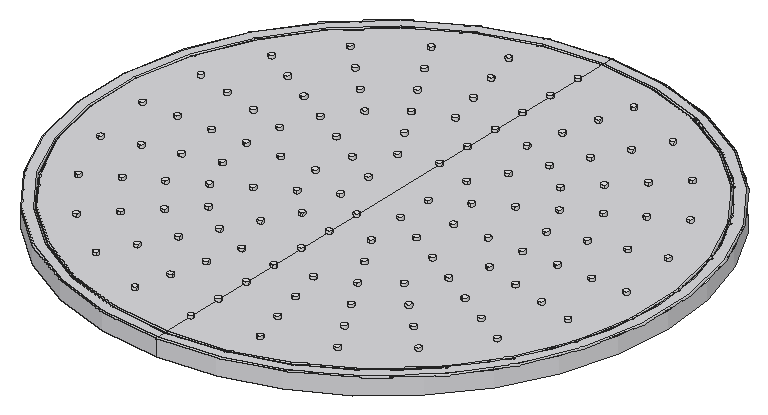
Revit family "Shower-Showerhead-KOHLER-KATALYST_AIR-K-15994T", category Plumbing Fixtures, host Face, Revit 2017 (continued)
Definition of nested family "K-15994T"
  Lines and regions (in)
    symbolic lines, detail levels medium+fine
      curve 247: arc (1.219, 2.24178, 0) -> (1.24287, 2.15271, 0) -> (1.33194, 2.17658, 0) r 0.0652
      curve 248: arc (1.33194, 2.17658, 0) -> (1.30807, 2.26564, 0) -> (1.219, 2.24178, 0) r 0.0652
      curve 249: arc (1.3183, 2.18445, 0) -> (1.3002, 2.25201, 0) -> (1.23264, 2.2339, 0) r 0.04945
      curve 250: arc (1.23264, 2.2339, 0) -> (1.25074, 2.16635, 0) -> (1.3183, 2.18445, 0) r 0.04945
      curve 251: arc (-0.0652, 3.40101, 0) -> (0, 3.33581, 0) -> (0.0652, 3.40101, 0) r 0.0652
      curve 252: arc (0.0652, 3.40101, 0) -> (0, 3.46621, 0) -> (-0.0652, 3.40101, 0) r 0.0652
      curve 253: arc (0.04945, 3.40101, 0) -> (0, 3.45046, 0) -> (-0.04945, 3.40101, 0) r 0.04945
      curve 254: arc (-0.04945, 3.40101, 0) -> (0, 3.35155, 0) -> (0.04945, 3.40101, 0) r 0.04945
      curve 255: arc (-0.0652, 4.25338, 0) -> (0, 4.18818, 0) -> (0.0652, 4.25338, 0) r 0.0652
      curve 256: arc (0.0652, 4.25338, 0) -> (0, 4.31859, 0) -> (-0.0652, 4.25338, 0) r 0.0652
      curve 257: arc (0.04945, 4.25338, 0) -> (0, 4.30284, 0) -> (-0.04945, 4.25338, 0) r 0.04945
      curve 258: arc (-0.04945, 4.25338, 0) -> (0, 4.20393, 0) -> (0.04945, 4.25338, 0) r 0.04945
      curve 259: arc (-0.94323, 3.26825, 0) -> (-0.86337, 3.22214, 0) -> (-0.81726, 3.302, 0) r 0.0652
      curve 260: arc (-0.81726, 3.302, 0) -> (-0.89712, 3.3481, 0) -> (-0.94323, 3.26825, 0) r 0.0652
      curve 261: arc (-0.83248, 3.29792, 0) -> (-0.89305, 3.33289, 0) -> (-0.92801, 3.27232, 0) r 0.04945
      curve 262: arc (-0.92801, 3.27232, 0) -> (-0.86745, 3.23735, 0) -> (-0.83248, 3.29792, 0) r 0.04945
      curve 263: arc (-1.16384, 4.09158, 0) -> (-1.08398, 4.04547, 0) -> (-1.03788, 4.12533, 0) r 0.0652
      curve 264: arc (-1.03788, 4.12533, 0) -> (-1.11773, 4.17143, 0) -> (-1.16384, 4.09158, 0) r 0.0652
      curve 265: arc (-1.05309, 4.12125, 0) -> (-1.11366, 4.15622, 0) -> (-1.14863, 4.09565, 0) r 0.04945
      curve 266: arc (-1.14863, 4.09565, 0) -> (-1.08806, 4.06068, 0) -> (-1.05309, 4.12125, 0) r 0.04945
      curve 267: arc (-1.75697, 2.91276, 0) -> (-1.6679, 2.88889, 0) -> (-1.64404, 2.97796, 0) r 0.0652
      curve 268: arc (-1.64404, 2.97796, 0) -> (-1.73311, 3.00183, 0) -> (-1.75697, 2.91276, 0) r 0.0652
      curve 269: arc (-1.65767, 2.97009, 0) -> (-1.72523, 2.98819, 0) -> (-1.74333, 2.92063, 0) r 0.04945
      curve 270: arc (-1.74333, 2.92063, 0) -> (-1.67578, 2.90253, 0) -> (-1.65767, 2.97009, 0) r 0.04945
      curve 271: arc (-2.18316, 3.65094, 0) -> (-2.09409, 3.62707, 0) -> (-2.07022, 3.71614, 0) r 0.0652
      curve 272: arc (-2.07022, 3.71614, 0) -> (-2.15929, 3.74, 0) -> (-2.18316, 3.65094, 0) r 0.0652
      curve 273: arc (-2.08386, 3.70826, 0) -> (-2.15142, 3.72637, 0) -> (-2.16952, 3.65881, 0) r 0.04945
      curve 274: arc (-2.16952, 3.65881, 0) -> (-2.10196, 3.64071, 0) -> (-2.08386, 3.70826, 0) r 0.04945
      curve 275: arc (-2.45098, 2.35877, 0) -> (-2.35877, 2.35877, 0) -> (-2.35877, 2.45098, 0) r 0.0652
      curve 276: arc (-2.35877, 2.45098, 0) -> (-2.45098, 2.45098, 0) -> (-2.45098, 2.35877, 0) r 0.0652
      curve 277: arc (-2.36991, 2.43985, 0) -> (-2.43985, 2.43985, 0) -> (-2.43985, 2.36991, 0) r 0.04945
      curve 278: arc (-2.43985, 2.36991, 0) -> (-2.36991, 2.36991, 0) -> (-2.36991, 2.43985, 0) r 0.04945
      curve 279: arc (-3.0537, 2.96149, 0) -> (-2.96149, 2.96149, 0) -> (-2.96149, 3.0537, 0) r 0.0652
      curve 280: arc (-2.96149, 3.0537, 0) -> (-3.0537, 3.0537, 0) -> (-3.0537, 2.96149, 0) r 0.0652
      curve 281: arc (-2.97263, 3.04257, 0) -> (-3.04257, 3.04257, 0) -> (-3.04257, 2.97263, 0) r 0.04945
      curve 282: arc (-3.04257, 2.97263, 0) -> (-2.97263, 2.97263, 0) -> (-2.97263, 3.04257, 0) r 0.04945
      curve 283: arc (-2.97796, 1.64404, 0) -> (-2.88889, 1.6679, 0) -> (-2.91276, 1.75697, 0) r 0.0652
      curve 284: arc (-2.91276, 1.75697, 0) -> (-3.00183, 1.73311, 0) -> (-2.97796, 1.64404, 0) r 0.0652
      curve 285: arc (-2.92063, 1.74333, 0) -> (-2.98819, 1.72523, 0) -> (-2.97009, 1.65767, 0) r 0.04945
      curve 286: arc (-2.97009, 1.65767, 0) -> (-2.90253, 1.67578, 0) -> (-2.92063, 1.74333, 0) r 0.04945
      curve 287: arc (-3.71614, 2.07022, 0) -> (-3.62707, 2.09409, 0) -> (-3.65094, 2.18316, 0) r 0.0652
      curve 288: arc (-3.65094, 2.18316, 0) -> (-3.74, 2.15929, 0) -> (-3.71614, 2.07022, 0) r 0.0652
      curve 289: arc (-3.65881, 2.16952, 0) -> (-3.72637, 2.15142, 0) -> (-3.70826, 2.08386, 0) r 0.04945
      curve 290: arc (-3.70826, 2.08386, 0) -> (-3.64071, 2.10196, 0) -> (-3.65881, 2.16952, 0) r 0.04945
      curve 291: arc (-3.302, 0.81726, 0) -> (-3.22214, 0.86337, 0) -> (-3.26825, 0.94323, 0) r 0.0652
      curve 292: arc (-3.26825, 0.94323, 0) -> (-3.3481, 0.89712, 0) -> (-3.302, 0.81726, 0) r 0.0652
      curve 293: arc (-3.27232, 0.92801, 0) -> (-3.33289, 0.89305, 0) -> (-3.29792, 0.83248, 0) r 0.04945
      curve 294: arc (-3.29792, 0.83248, 0) -> (-3.23735, 0.86745, 0) -> (-3.27232, 0.92801, 0) r 0.04945
      curve 295: arc (-4.12533, 1.03788, 0) -> (-4.04547, 1.08398, 0) -> (-4.09158, 1.16384, 0) r 0.0652
      curve 296: arc (-4.09158, 1.16384, 0) -> (-4.17143, 1.11773, 0) -> (-4.12533, 1.03788, 0) r 0.0652
      curve 297: arc (-4.09565, 1.14863, 0) -> (-4.15622, 1.11366, 0) -> (-4.12125, 1.05309, 0) r 0.04945
      curve 298: arc (-4.12125, 1.05309, 0) -> (-4.06068, 1.08806, 0) -> (-4.09565, 1.14863, 0) r 0.04945
      curve 299: arc (-3.40101, -0.0652, 0) -> (-3.33581, 0, 0) -> (-3.40101, 0.0652, 0) r 0.0652
      curve 300: arc (-3.40101, 0.0652, 0) -> (-3.46621, 0, 0) -> (-3.40101, -0.0652, 0) r 0.0652
      curve 301: arc (-3.40101, 0.04945, 0) -> (-3.45046, 0, 0) -> (-3.40101, -0.04945, 0) r 0.04945
      curve 302: arc (-3.40101, -0.04945, 0) -> (-3.35155, 0, 0) -> (-3.40101, 0.04945, 0) r 0.04945
      curve 303: arc (-4.25338, -0.0652, 0) -> (-4.18818, 0, 0) -> (-4.25338, 0.0652, 0) r 0.0652
      curve 304: arc (-4.25338, 0.0652, 0) -> (-4.31859, 0, 0) -> (-4.25338, -0.0652, 0) r 0.0652
      curve 305: arc (-4.25338, 0.04945, 0) -> (-4.30284, 0, 0) -> (-4.25338, -0.04945, 0) r 0.04945
      curve 306: arc (-4.25338, -0.04945, 0) -> (-4.20393, 0, 0) -> (-4.25338, 0.04945, 0) r 0.04945
      curve 307: arc (-3.26825, -0.94323, 0) -> (-3.22214, -0.86337, 0) -> (-3.302, -0.81726, 0) r 0.0652
      curve 308: arc (-3.302, -0.81726, 0) -> (-3.3481, -0.89712, 0) -> (-3.26825, -0.94323, 0) r 0.0652
      curve 309: arc (-3.29792, -0.83248, 0) -> (-3.33289, -0.89305, 0) -> (-3.27232, -0.92801, 0) r 0.04945
      curve 310: arc (-3.27232, -0.92801, 0) -> (-3.23735, -0.86745, 0) -> (-3.29792, -0.83248, 0) r 0.04945
      curve 311: arc (-4.09158, -1.16384, 0) -> (-4.04547, -1.08398, 0) -> (-4.12533, -1.03788, 0) r 0.0652
      curve 312: arc (-4.12533, -1.03788, 0) -> (-4.17143, -1.11773, 0) -> (-4.09158, -1.16384, 0) r 0.0652
      curve 313: arc (-4.12125, -1.05309, 0) -> (-4.15622, -1.11366, 0) -> (-4.09565, -1.14863, 0) r 0.04945
      curve 314: arc (-4.09565, -1.14863, 0) -> (-4.06068, -1.08806, 0) -> (-4.12125, -1.05309, 0) r 0.04945
      curve 315: arc (-2.91276, -1.75697, 0) -> (-2.88889, -1.6679, 0) -> (-2.97796, -1.64404, 0) r 0.0652
      curve 316: arc (-2.97796, -1.64404, 0) -> (-3.00183, -1.73311, 0) -> (-2.91276, -1.75697, 0) r 0.0652
      curve 317: arc (-2.97009, -1.65767, 0) -> (-2.98819, -1.72523, 0) -> (-2.92063, -1.74333, 0) r 0.04945
      curve 318: arc (-2.92063, -1.74333, 0) -> (-2.90253, -1.67578, 0) -> (-2.97009, -1.65767, 0) r 0.04945
      curve 319: arc (-3.65094, -2.18316, 0) -> (-3.62707, -2.09409, 0) -> (-3.71614, -2.07022, 0) r 0.0652
      curve 320: arc (-3.71614, -2.07022, 0) -> (-3.74, -2.15929, 0) -> (-3.65094, -2.18316, 0) r 0.0652
      curve 321: arc (-3.70826, -2.08386, 0) -> (-3.72637, -2.15142, 0) -> (-3.65881, -2.16952, 0) r 0.04945
      curve 322: arc (-3.65881, -2.16952, 0) -> (-3.64071, -2.10196, 0) -> (-3.70826, -2.08386, 0) r 0.04945
      curve 323: arc (-2.35877, -2.45098, 0) -> (-2.35877, -2.35877, 0) -> (-2.45098, -2.35877, 0) r 0.0652
      curve 324: arc (-2.45098, -2.35877, 0) -> (-2.45098, -2.45098, 0) -> (-2.35877, -2.45098, 0) r 0.0652
      curve 325: arc (-2.43985, -2.36991, 0) -> (-2.43985, -2.43985, 0) -> (-2.36991, -2.43985, 0) r 0.04945
      curve 326: arc (-2.36991, -2.43985, 0) -> (-2.36991, -2.36991, 0) -> (-2.43985, -2.36991, 0) r 0.04945
      curve 327: arc (-2.96149, -3.0537, 0) -> (-2.96149, -2.96149, 0) -> (-3.0537, -2.96149, 0) r 0.0652
      curve 328: arc (-3.0537, -2.96149, 0) -> (-3.0537, -3.0537, 0) -> (-2.96149, -3.0537, 0) r 0.0652
      curve 329: arc (-3.04257, -2.97263, 0) -> (-3.04257, -3.04257, 0) -> (-2.97263, -3.04257, 0) r 0.04945
      curve 330: arc (-2.97263, -3.04257, 0) -> (-2.97263, -2.97263, 0) -> (-3.04257, -2.97263, 0) r 0.04945
      curve 331: arc (-1.64404, -2.97796, 0) -> (-1.6679, -2.88889, 0) -> (-1.75697, -2.91276, 0) r 0.0652
      curve 332: arc (-1.75697, -2.91276, 0) -> (-1.73311, -3.00183, 0) -> (-1.64404, -2.97796, 0) r 0.0652
      curve 333: arc (-1.74333, -2.92063, 0) -> (-1.72523, -2.98819, 0) -> (-1.65767, -2.97009, 0) r 0.04945
      curve 334: arc (-1.65767, -2.97009, 0) -> (-1.67578, -2.90253, 0) -> (-1.74333, -2.92063, 0) r 0.04945
      curve 335: arc (-2.07022, -3.71614, 0) -> (-2.09409, -3.62707, 0) -> (-2.18316, -3.65094, 0) r 0.0652
      curve 336: arc (-2.18316, -3.65094, 0) -> (-2.15929, -3.74, 0) -> (-2.07022, -3.71614, 0) r 0.0652
      curve 337: arc (-2.16952, -3.65881, 0) -> (-2.15142, -3.72637, 0) -> (-2.08386, -3.70826, 0) r 0.04945
      curve 338: arc (-2.08386, -3.70826, 0) -> (-2.10196, -3.64071, 0) -> (-2.16952, -3.65881, 0) r 0.04945
      curve 339: arc (-0.81726, -3.302, 0) -> (-0.86337, -3.22214, 0) -> (-0.94323, -3.26825, 0) r 0.0652
      curve 340: arc (-0.94323, -3.26825, 0) -> (-0.89712, -3.3481, 0) -> (-0.81726, -3.302, 0) r 0.0652
      curve 341: arc (-0.92801, -3.27232, 0) -> (-0.89305, -3.33289, 0) -> (-0.83248, -3.29792, 0) r 0.04945
      curve 342: arc (-0.83248, -3.29792, 0) -> (-0.86745, -3.23735, 0) -> (-0.92801, -3.27232, 0) r 0.04945
      curve 343: arc (-1.03788, -4.12533, 0) -> (-1.08398, -4.04547, 0) -> (-1.16384, -4.09158, 0) r 0.0652
      curve 344: arc (-1.16384, -4.09158, 0) -> (-1.11773, -4.17143, 0) -> (-1.03788, -4.12533, 0) r 0.0652
      curve 345: arc (-1.14863, -4.09565, 0) -> (-1.11366, -4.15622, 0) -> (-1.05309, -4.12125, 0) r 0.04945
      curve 346: arc (-1.05309, -4.12125, 0) -> (-1.08806, -4.06068, 0) -> (-1.14863, -4.09565, 0) r 0.04945
      curve 347: arc (0.0652, -3.40101, 0) -> (0, -3.33581, 0) -> (-0.0652, -3.40101, 0) r 0.0652
      curve 348: arc (-0.0652, -3.40101, 0) -> (0, -3.46621, 0) -> (0.0652, -3.40101, 0) r 0.0652
      curve 349: arc (-0.04945, -3.40101, 0) -> (0, -3.45046, 0) -> (0.04945, -3.40101, 0) r 0.04945
      curve 350: arc (0.04945, -3.40101, 0) -> (0, -3.35155, 0) -> (-0.04945, -3.40101, 0) r 0.04945
      curve 351: arc (0.0652, -4.25338, 0) -> (0, -4.18818, 0) -> (-0.0652, -4.25338, 0) r 0.0652
      curve 352: arc (-0.0652, -4.25338, 0) -> (0, -4.31859, 0) -> (0.0652, -4.25338, 0) r 0.0652
      curve 353: arc (-0.04945, -4.25338, 0) -> (0, -4.30284, 0) -> (0.04945, -4.25338, 0) r 0.04945
      curve 354: arc (0.04945, -4.25338, 0) -> (0, -4.20393, 0) -> (-0.04945, -4.25338, 0) r 0.04945
      curve 355: arc (0.94323, -3.26825, 0) -> (0.86337, -3.22214, 0) -> (0.81726, -3.302, 0) r 0.0652
      curve 356: arc (0.81726, -3.302, 0) -> (0.89712, -3.3481, 0) -> (0.94323, -3.26825, 0) r 0.0652
      curve 357: arc (0.83248, -3.29792, 0) -> (0.89305, -3.33289, 0) -> (0.92801, -3.27232, 0) r 0.04945
      curve 358: arc (0.92801, -3.27232, 0) -> (0.86745, -3.23735, 0) -> (0.83248, -3.29792, 0) r 0.04945
      curve 359: arc (1.16384, -4.09158, 0) -> (1.08398, -4.04547, 0) -> (1.03788, -4.12533, 0) r 0.0652
      curve 360: arc (1.03788, -4.12533, 0) -> (1.11773, -4.17143, 0) -> (1.16384, -4.09158, 0) r 0.0652
      curve 361: arc (1.05309, -4.12125, 0) -> (1.11366, -4.15622, 0) -> (1.14863, -4.09565, 0) r 0.04945
      curve 362: arc (1.14863, -4.09565, 0) -> (1.08806, -4.06068, 0) -> (1.05309, -4.12125, 0) r 0.04945
      curve 363: arc (1.75697, -2.91276, 0) -> (1.6679, -2.88889, 0) -> (1.64404, -2.97796, 0) r 0.0652
      curve 364: arc (1.64404, -2.97796, 0) -> (1.73311, -3.00183, 0) -> (1.75697, -2.91276, 0) r 0.0652
      curve 365: arc (1.65767, -2.97009, 0) -> (1.72523, -2.98819, 0) -> (1.74333, -2.92063, 0) r 0.04945
      curve 366: arc (1.74333, -2.92063, 0) -> (1.67578, -2.90253, 0) -> (1.65767, -2.97009, 0) r 0.04945
      curve 367: arc (2.18316, -3.65094, 0) -> (2.09409, -3.62707, 0) -> (2.07022, -3.71614, 0) r 0.0652
      curve 368: arc (2.07022, -3.71614, 0) -> (2.15929, -3.74, 0) -> (2.18316, -3.65094, 0) r 0.0652
      curve 369: arc (2.08386, -3.70826, 0) -> (2.15142, -3.72637, 0) -> (2.16952, -3.65881, 0) r 0.04945
      curve 370: arc (2.16952, -3.65881, 0) -> (2.10196, -3.64071, 0) -> (2.08386, -3.70826, 0) r 0.04945
      curve 371: arc (2.45098, -2.35877, 0) -> (2.35877, -2.35877, 0) -> (2.35877, -2.45098, 0) r 0.0652
      curve 372: arc (2.35877, -2.45098, 0) -> (2.45098, -2.45098, 0) -> (2.45098, -2.35877, 0) r 0.0652
      curve 373: arc (2.36991, -2.43985, 0) -> (2.43985, -2.43985, 0) -> (2.43985, -2.36991, 0) r 0.04945
      curve 374: arc (2.43985, -2.36991, 0) -> (2.36991, -2.36991, 0) -> (2.36991, -2.43985, 0) r 0.04945
      curve 375: arc (3.0537, -2.96149, 0) -> (2.96149, -2.96149, 0) -> (2.96149, -3.0537, 0) r 0.0652
      curve 376: arc (2.96149, -3.0537, 0) -> (3.0537, -3.0537, 0) -> (3.0537, -2.96149, 0) r 0.0652
      curve 377: arc (2.97263, -3.04257, 0) -> (3.04257, -3.04257, 0) -> (3.04257, -2.97263, 0) r 0.04945
      curve 378: arc (3.04257, -2.97263, 0) -> (2.97263, -2.97263, 0) -> (2.97263, -3.04257, 0) r 0.04945
      curve 379: arc (2.97796, -1.64404, 0) -> (2.88889, -1.6679, 0) -> (2.91276, -1.75697, 0) r 0.0652
      curve 380: arc (2.91276, -1.75697, 0) -> (3.00183, -1.73311, 0) -> (2.97796, -1.64404, 0) r 0.0652
      curve 381: arc (2.92063, -1.74333, 0) -> (2.98819, -1.72523, 0) -> (2.97009, -1.65767, 0) r 0.04945
      curve 382: arc (2.97009, -1.65767, 0) -> (2.90253, -1.67578, 0) -> (2.92063, -1.74333, 0) r 0.04945
      curve 383: arc (3.71614, -2.07022, 0) -> (3.62707, -2.09409, 0) -> (3.65094, -2.18316, 0) r 0.0652
      curve 384: arc (3.65094, -2.18316, 0) -> (3.74, -2.15929, 0) -> (3.71614, -2.07022, 0) r 0.0652
      curve 385: arc (3.65881, -2.16952, 0) -> (3.72637, -2.15142, 0) -> (3.70826, -2.08386, 0) r 0.04945
      curve 386: arc (3.70826, -2.08386, 0) -> (3.64071, -2.10196, 0) -> (3.65881, -2.16952, 0) r 0.04945
      curve 387: arc (3.302, -0.81726, 0) -> (3.22214, -0.86337, 0) -> (3.26825, -0.94323, 0) r 0.0652
      curve 388: arc (3.26825, -0.94323, 0) -> (3.3481, -0.89712, 0) -> (3.302, -0.81726, 0) r 0.0652
      curve 389: arc (3.27232, -0.92801, 0) -> (3.33289, -0.89305, 0) -> (3.29792, -0.83248, 0) r 0.04945
      curve 390: arc (3.29792, -0.83248, 0) -> (3.23735, -0.86745, 0) -> (3.27232, -0.92801, 0) r 0.04945
      curve 391: arc (4.12533, -1.03788, 0) -> (4.04547, -1.08398, 0) -> (4.09158, -1.16384, 0) r 0.0652
      curve 392: arc (4.09158, -1.16384, 0) -> (4.17143, -1.11773, 0) -> (4.12533, -1.03788, 0) r 0.0652
      curve 393: arc (4.09565, -1.14863, 0) -> (4.15622, -1.11366, 0) -> (4.12125, -1.05309, 0) r 0.04945
      curve 394: arc (4.12125, -1.05309, 0) -> (4.06068, -1.08806, 0) -> (4.09565, -1.14863, 0) r 0.04945
      curve 395: arc (3.40101, 0.0652, 0) -> (3.33581, 0, 0) -> (3.40101, -0.0652, 0) r 0.0652
      curve 396: arc (3.40101, -0.0652, 0) -> (3.46621, 0, 0) -> (3.40101, 0.0652, 0) r 0.0652
      curve 397: arc (3.40101, -0.04945, 0) -> (3.45046, 0, 0) -> (3.40101, 0.04945, 0) r 0.04945
      curve 398: arc (3.40101, 0.04945, 0) -> (3.35155, 0, 0) -> (3.40101, -0.04945, 0) r 0.04945
      curve 399: arc (4.25338, 0.0652, 0) -> (4.18818, 0, 0) -> (4.25338, -0.0652, 0) r 0.0652
      curve 400: arc (4.25338, -0.0652, 0) -> (4.31859, 0, 0) -> (4.25338, 0.0652, 0) r 0.0652
      curve 401: arc (4.25338, -0.04945, 0) -> (4.30284, 0, 0) -> (4.25338, 0.04945, 0) r 0.04945
      curve 402: arc (4.25338, 0.04945, 0) -> (4.20393, 0, 0) -> (4.25338, -0.04945, 0) r 0.04945
      curve 403: arc (3.26825, 0.94323, 0) -> (3.22214, 0.86337, 0) -> (3.302, 0.81726, 0) r 0.0652
      curve 404: arc (3.302, 0.81726, 0) -> (3.3481, 0.89712, 0) -> (3.26825, 0.94323, 0) r 0.0652
      curve 405: arc (3.29792, 0.83248, 0) -> (3.33289, 0.89305, 0) -> (3.27232, 0.92801, 0) r 0.04945
      curve 406: arc (3.27232, 0.92801, 0) -> (3.23735, 0.86745, 0) -> (3.29792, 0.83248, 0) r 0.04945
      curve 407: arc (4.09158, 1.16384, 0) -> (4.04547, 1.08398, 0) -> (4.12533, 1.03788, 0) r 0.0652
      curve 408: arc (4.12533, 1.03788, 0) -> (4.17143, 1.11773, 0) -> (4.09158, 1.16384, 0) r 0.0652
      curve 409: arc (4.12125, 1.05309, 0) -> (4.15622, 1.11366, 0) -> (4.09565, 1.14863, 0) r 0.04945
      curve 410: arc (4.09565, 1.14863, 0) -> (4.06068, 1.08806, 0) -> (4.12125, 1.05309, 0) r 0.04945
      curve 411: arc (2.91276, 1.75697, 0) -> (2.88889, 1.6679, 0) -> (2.97796, 1.64404, 0) r 0.0652
      curve 412: arc (2.97796, 1.64404, 0) -> (3.00183, 1.73311, 0) -> (2.91276, 1.75697, 0) r 0.0652
      curve 413: arc (2.97009, 1.65767, 0) -> (2.98819, 1.72523, 0) -> (2.92063, 1.74333, 0) r 0.04945
      curve 414: arc (2.92063, 1.74333, 0) -> (2.90253, 1.67578, 0) -> (2.97009, 1.65767, 0) r 0.04945
      curve 415: arc (3.65094, 2.18316, 0) -> (3.62707, 2.09409, 0) -> (3.71614, 2.07022, 0) r 0.0652
      curve 416: arc (3.71614, 2.07022, 0) -> (3.74, 2.15929, 0) -> (3.65094, 2.18316, 0) r 0.0652
      curve 417: arc (3.70826, 2.08386, 0) -> (3.72637, 2.15142, 0) -> (3.65881, 2.16952, 0) r 0.04945
      curve 418: arc (3.65881, 2.16952, 0) -> (3.64071, 2.10196, 0) -> (3.70826, 2.08386, 0) r 0.04945
      curve 419: arc (2.35877, 2.45098, 0) -> (2.35877, 2.35877, 0) -> (2.45098, 2.35877, 0) r 0.0652
      curve 420: arc (2.45098, 2.35877, 0) -> (2.45098, 2.45098, 0) -> (2.35877, 2.45098, 0) r 0.0652
      curve 421: arc (2.43985, 2.36991, 0) -> (2.43985, 2.43985, 0) -> (2.36991, 2.43985, 0) r 0.04945
      curve 422: arc (2.36991, 2.43985, 0) -> (2.36991, 2.36991, 0) -> (2.43985, 2.36991, 0) r 0.04945
      curve 423: arc (2.96149, 3.0537, 0) -> (2.96149, 2.96149, 0) -> (3.0537, 2.96149, 0) r 0.0652
      curve 424: arc (3.0537, 2.96149, 0) -> (3.0537, 3.0537, 0) -> (2.96149, 3.0537, 0) r 0.0652
      curve 425: arc (3.04257, 2.97263, 0) -> (3.04257, 3.04257, 0) -> (2.97263, 3.04257, 0) r 0.04945
      curve 426: arc (2.97263, 3.04257, 0) -> (2.97263, 2.97263, 0) -> (3.04257, 2.97263, 0) r 0.04945
      curve 427: arc (1.64404, 2.97796, 0) -> (1.6679, 2.88889, 0) -> (1.75697, 2.91276, 0) r 0.0652
      curve 428: arc (1.75697, 2.91276, 0) -> (1.73311, 3.00183, 0) -> (1.64404, 2.97796, 0) r 0.0652
      curve 429: arc (1.74333, 2.92063, 0) -> (1.72523, 2.98819, 0) -> (1.65767, 2.97009, 0) r 0.04945
      curve 430: arc (1.65767, 2.97009, 0) -> (1.67578, 2.90253, 0) -> (1.74333, 2.92063, 0) r 0.04945
      curve 431: arc (2.07022, 3.71614, 0) -> (2.09409, 3.62707, 0) -> (2.18316, 3.65094, 0) r 0.0652
      curve 432: arc (2.18316, 3.65094, 0) -> (2.15929, 3.74, 0) -> (2.07022, 3.71614, 0) r 0.0652
      curve 433: arc (2.16952, 3.65881, 0) -> (2.15142, 3.72637, 0) -> (2.08386, 3.70826, 0) r 0.04945
      curve 434: arc (2.08386, 3.70826, 0) -> (2.10196, 3.64071, 0) -> (2.16952, 3.65881, 0) r 0.04945
      curve 435: arc (0.81726, 3.302, 0) -> (0.86337, 3.22214, 0) -> (0.94323, 3.26825, 0) r 0.0652
      curve 436: arc (0.94323, 3.26825, 0) -> (0.89712, 3.3481, 0) -> (0.81726, 3.302, 0) r 0.0652
      curve 437: arc (0.92801, 3.27232, 0) -> (0.89305, 3.33289, 0) -> (0.83248, 3.29792, 0) r 0.04945
      curve 438: arc (0.83248, 3.29792, 0) -> (0.86745, 3.23735, 0) -> (0.92801, 3.27232, 0) r 0.04945
      curve 439: arc (1.03788, 4.12533, 0) -> (1.08398, 4.04547, 0) -> (1.16384, 4.09158, 0) r 0.0652
      curve 440: arc (1.16384, 4.09158, 0) -> (1.11773, 4.17143, 0) -> (1.03788, 4.12533, 0) r 0.0652
      curve 441: arc (1.14863, 4.09565, 0) -> (1.11366, 4.15622, 0) -> (1.05309, 4.12125, 0) r 0.04945
      curve 442: arc (1.05309, 4.12125, 0) -> (1.08806, 4.06068, 0) -> (1.14863, 4.09565, 0) r 0.04945
      curve 443: arc (-0.0652, 5.10255, 0) -> (0, 5.03734, 0) -> (0.0652, 5.10255, 0) r 0.0652
      curve 444: arc (0.0652, 5.10255, 0) -> (0, 5.16775, 0) -> (-0.0652, 5.10255, 0) r 0.0652
      curve 445: arc (0.04945, 5.10255, 0) -> (0, 5.152, 0) -> (-0.04945, 5.10255, 0) r 0.04945
      curve 446: arc (-0.04945, 5.10255, 0) -> (0, 5.05309, 0) -> (0.04945, 5.10255, 0) r 0.04945
      curve 447: arc (-0.0652, 5.95546, 0) -> (0, 5.89026, 0) -> (0.0652, 5.95546, 0) r 0.0652
      curve 448: arc (0.0652, 5.95546, 0) -> (0, 6.02067, 0) -> (-0.0652, 5.95546, 0) r 0.0652
      curve 449: arc (0.04945, 5.95546, 0) -> (0, 6.00492, 0) -> (-0.04945, 5.95546, 0) r 0.04945
      curve 450: arc (-0.04945, 5.95546, 0) -> (0, 5.90601, 0) -> (0.04945, 5.95546, 0) r 0.04945
      curve 451: arc (-1.38362, 4.9118, 0) -> (-1.30376, 4.8657, 0) -> (-1.25765, 4.94556, 0) r 0.0652
      curve 452: arc (-1.25765, 4.94556, 0) -> (-1.33751, 4.99166, 0) -> (-1.38362, 4.9118, 0) r 0.0652
      curve 453: arc (-1.27287, 4.94148, 0) -> (-1.33344, 4.97645, 0) -> (-1.36841, 4.91588, 0) r 0.04945
      curve 454: arc (-1.36841, 4.91588, 0) -> (-1.30784, 4.88091, 0) -> (-1.27287, 4.94148, 0) r 0.04945
      curve 455: arc (-1.60437, 5.73566, 0) -> (-1.52451, 5.68956, 0) -> (-1.47841, 5.76941, 0) r 0.0652
      curve 456: arc (-1.47841, 5.76941, 0) -> (-1.55826, 5.81552, 0) -> (-1.60437, 5.73566, 0) r 0.0652
      curve 457: arc (-1.49362, 5.76534, 0) -> (-1.55419, 5.80031, 0) -> (-1.58916, 5.73974, 0) r 0.04945
      curve 458: arc (-1.58916, 5.73974, 0) -> (-1.52859, 5.70477, 0) -> (-1.49362, 5.76534, 0) r 0.04945
      curve 459: arc (-2.60774, 4.38633, 0) -> (-2.51867, 4.36247, 0) -> (-2.49481, 4.45153, 0) r 0.0652
      curve 460: arc (-2.49481, 4.45153, 0) -> (-2.58387, 4.4754, 0) -> (-2.60774, 4.38633, 0) r 0.0652
      curve 461: arc (-2.50844, 4.44366, 0) -> (-2.576, 4.46176, 0) -> (-2.5941, 4.39421, 0) r 0.04945
      curve 462: arc (-2.5941, 4.39421, 0) -> (-2.52655, 4.3761, 0) -> (-2.50844, 4.44366, 0) r 0.04945
      curve 463: arc (-3.0342, 5.12498, 0) -> (-2.94513, 5.10112, 0) -> (-2.92127, 5.19018, 0) r 0.0652
      curve 464: arc (-2.92127, 5.19018, 0) -> (-3.01033, 5.21405, 0) -> (-3.0342, 5.12498, 0) r 0.0652
      curve 465: arc (-2.9349, 5.18231, 0) -> (-3.00246, 5.20041, 0) -> (-3.02056, 5.13286, 0) r 0.04945
      curve 466: arc (-3.02056, 5.13286, 0) -> (-2.95301, 5.11475, 0) -> (-2.9349, 5.18231, 0) r 0.04945
      curve 467: arc (-3.65415, 3.56194, 0) -> (-3.56194, 3.56194, 0) -> (-3.56194, 3.65415, 0) r 0.0652
      curve 468: arc (-3.56194, 3.65415, 0) -> (-3.65415, 3.65415, 0) -> (-3.65415, 3.56194, 0) r 0.0652
      curve 469: arc (-3.57307, 3.64301, 0) -> (-3.64301, 3.64301, 0) -> (-3.64301, 3.57307, 0) r 0.04945
      curve 470: arc (-3.64301, 3.57307, 0) -> (-3.57307, 3.57307, 0) -> (-3.57307, 3.64301, 0) r 0.04945
      curve 471: arc (-4.25725, 4.16504, 0) -> (-4.16504, 4.16504, 0) -> (-4.16504, 4.25725, 0) r 0.0652
      curve 472: arc (-4.16504, 4.25725, 0) -> (-4.25725, 4.25725, 0) -> (-4.25725, 4.16504, 0) r 0.0652
      curve 473: arc (-4.17618, 4.24612, 0) -> (-4.24612, 4.24612, 0) -> (-4.24612, 4.17618, 0) r 0.04945
      curve 474: arc (-4.24612, 4.17618, 0) -> (-4.17618, 4.17618, 0) -> (-4.17618, 4.24612, 0) r 0.04945
      curve 475: arc (-4.45153, 2.49481, 0) -> (-4.36247, 2.51867, 0) -> (-4.38633, 2.60774, 0) r 0.0652
      curve 476: arc (-4.38633, 2.60774, 0) -> (-4.4754, 2.58387, 0) -> (-4.45153, 2.49481, 0) r 0.0652
      curve 477: arc (-4.39421, 2.5941, 0) -> (-4.46176, 2.576, 0) -> (-4.44366, 2.50844, 0) r 0.04945
      curve 478: arc (-4.44366, 2.50844, 0) -> (-4.3761, 2.52655, 0) -> (-4.39421, 2.5941, 0) r 0.04945
      curve 479: arc (-5.19018, 2.92127, 0) -> (-5.10112, 2.94513, 0) -> (-5.12498, 3.0342, 0) r 0.0652
      curve 480: arc (-5.12498, 3.0342, 0) -> (-5.21405, 3.01033, 0) -> (-5.19018, 2.92127, 0) r 0.0652
      curve 481: arc (-5.13286, 3.02056, 0) -> (-5.20041, 3.00246, 0) -> (-5.18231, 2.9349, 0) r 0.04945
      curve 482: arc (-5.18231, 2.9349, 0) -> (-5.11475, 2.95301, 0) -> (-5.13286, 3.02056, 0) r 0.04945
      curve 483: arc (-4.94556, 1.25765, 0) -> (-4.8657, 1.30376, 0) -> (-4.9118, 1.38362, 0) r 0.0652
      curve 484: arc (-4.9118, 1.38362, 0) -> (-4.99166, 1.33751, 0) -> (-4.94556, 1.25765, 0) r 0.0652
      curve 485: arc (-4.91588, 1.36841, 0) -> (-4.97645, 1.33344, 0) -> (-4.94148, 1.27287, 0) r 0.04945
      curve 486: arc (-4.94148, 1.27287, 0) -> (-4.88091, 1.30784, 0) -> (-4.91588, 1.36841, 0) r 0.04945
      curve 487: arc (-5.76941, 1.47841, 0) -> (-5.68956, 1.52451, 0) -> (-5.73566, 1.60437, 0) r 0.0652
      curve 488: arc (-5.73566, 1.60437, 0) -> (-5.81552, 1.55826, 0) -> (-5.76941, 1.47841, 0) r 0.0652
      curve 489: arc (-5.73974, 1.58916, 0) -> (-5.80031, 1.55419, 0) -> (-5.76534, 1.49362, 0) r 0.04945
      curve 490: arc (-5.76534, 1.49362, 0) -> (-5.70477, 1.52859, 0) -> (-5.73974, 1.58916, 0) r 0.04945
      curve 491: arc (-5.10255, -0.0652, 0) -> (-5.03734, 0, 0) -> (-5.10255, 0.0652, 0) r 0.0652
      curve 492: arc (-5.10255, 0.0652, 0) -> (-5.16775, 0, 0) -> (-5.10255, -0.0652, 0) r 0.0652
      curve 493: arc (-5.10255, 0.04945, 0) -> (-5.152, 0, 0) -> (-5.10255, -0.04945, 0) r 0.04945
      curve 494: arc (-5.10255, -0.04945, 0) -> (-5.05309, 0, 0) -> (-5.10255, 0.04945, 0) r 0.04945
      curve 495: arc (-5.95546, -0.0652, 0) -> (-5.89026, 0, 0) -> (-5.95546, 0.0652, 0) r 0.0652
      curve 496: arc (-5.95546, 0.0652, 0) -> (-6.02067, 0, 0) -> (-5.95546, -0.0652, 0) r 0.0652
      curve 497: arc (-5.95546, 0.04945, 0) -> (-6.00492, 0, 0) -> (-5.95546, -0.04945, 0) r 0.04945
      curve 498: arc (-5.95546, -0.04945, 0) -> (-5.90601, 0, 0) -> (-5.95546, 0.04945, 0) r 0.04945
      curve 499: arc (-4.9118, -1.38362, 0) -> (-4.8657, -1.30376, 0) -> (-4.94556, -1.25765, 0) r 0.0652
      curve 500: arc (-4.94556, -1.25765, 0) -> (-4.99166, -1.33751, 0) -> (-4.9118, -1.38362, 0) r 0.0652
      curve 501: arc (-4.94148, -1.27287, 0) -> (-4.97645, -1.33344, 0) -> (-4.91588, -1.36841, 0) r 0.04945
      curve 502: arc (-4.91588, -1.36841, 0) -> (-4.88091, -1.30784, 0) -> (-4.94148, -1.27287, 0) r 0.04945
      curve 503: arc (-5.73566, -1.60437, 0) -> (-5.68956, -1.52451, 0) -> (-5.76941, -1.47841, 0) r 0.0652
      curve 504: arc (-5.76941, -1.47841, 0) -> (-5.81552, -1.55826, 0) -> (-5.73566, -1.60437, 0) r 0.0652
      curve 505: arc (-5.76534, -1.49362, 0) -> (-5.80031, -1.55419, 0) -> (-5.73974, -1.58916, 0) r 0.04945
      curve 506: arc (-5.73974, -1.58916, 0) -> (-5.70477, -1.52859, 0) -> (-5.76534, -1.49362, 0) r 0.04945
      curve 507: arc (-4.38633, -2.60774, 0) -> (-4.36247, -2.51867, 0) -> (-4.45153, -2.49481, 0) r 0.0652
      curve 508: arc (-4.45153, -2.49481, 0) -> (-4.4754, -2.58387, 0) -> (-4.38633, -2.60774, 0) r 0.0652
      curve 509: arc (-4.44366, -2.50844, 0) -> (-4.46176, -2.576, 0) -> (-4.39421, -2.5941, 0) r 0.04945
      curve 510: arc (-4.39421, -2.5941, 0) -> (-4.3761, -2.52655, 0) -> (-4.44366, -2.50844, 0) r 0.04945
      curve 511: arc (-5.12498, -3.0342, 0) -> (-5.10112, -2.94513, 0) -> (-5.19018, -2.92127, 0) r 0.0652
      curve 512: arc (-5.19018, -2.92127, 0) -> (-5.21405, -3.01033, 0) -> (-5.12498, -3.0342, 0) r 0.0652
      curve 513: arc (-5.18231, -2.9349, 0) -> (-5.20041, -3.00246, 0) -> (-5.13286, -3.02056, 0) r 0.04945
      curve 514: arc (-5.13286, -3.02056, 0) -> (-5.11475, -2.95301, 0) -> (-5.18231, -2.9349, 0) r 0.04945
      curve 515: arc (-3.56194, -3.65415, 0) -> (-3.56194, -3.56194, 0) -> (-3.65415, -3.56194, 0) r 0.0652
      curve 516: arc (-3.65415, -3.56194, 0) -> (-3.65415, -3.65415, 0) -> (-3.56194, -3.65415, 0) r 0.0652
      curve 517: arc (-3.64301, -3.57307, 0) -> (-3.64301, -3.64301, 0) -> (-3.57307, -3.64301, 0) r 0.04945
      curve 518: arc (-3.57307, -3.64301, 0) -> (-3.57307, -3.57307, 0) -> (-3.64301, -3.57307, 0) r 0.04945
      curve 519: arc (-4.16504, -4.25725, 0) -> (-4.16504, -4.16504, 0) -> (-4.25725, -4.16504, 0) r 0.0652
      curve 520: arc (-4.25725, -4.16504, 0) -> (-4.25725, -4.25725, 0) -> (-4.16504, -4.25725, 0) r 0.0652
      curve 521: arc (-4.24612, -4.17618, 0) -> (-4.24612, -4.24612, 0) -> (-4.17618, -4.24612, 0) r 0.04945
      curve 522: arc (-4.17618, -4.24612, 0) -> (-4.17618, -4.17618, 0) -> (-4.24612, -4.17618, 0) r 0.04945
      curve 523: arc (-2.49481, -4.45153, 0) -> (-2.51867, -4.36247, 0) -> (-2.60774, -4.38633, 0) r 0.0652
      curve 524: arc (-2.60774, -4.38633, 0) -> (-2.58387, -4.4754, 0) -> (-2.49481, -4.45153, 0) r 0.0652
      curve 525: arc (-2.5941, -4.39421, 0) -> (-2.576, -4.46176, 0) -> (-2.50844, -4.44366, 0) r 0.04945
      curve 526: arc (-2.50844, -4.44366, 0) -> (-2.52655, -4.3761, 0) -> (-2.5941, -4.39421, 0) r 0.04945
      curve 527: arc (-2.92127, -5.19018, 0) -> (-2.94513, -5.10112, 0) -> (-3.0342, -5.12498, 0) r 0.0652
      curve 528: arc (-3.0342, -5.12498, 0) -> (-3.01033, -5.21405, 0) -> (-2.92127, -5.19018, 0) r 0.0652
      curve 529: arc (-3.02056, -5.13286, 0) -> (-3.00246, -5.20041, 0) -> (-2.9349, -5.18231, 0) r 0.04945
      curve 530: arc (-2.9349, -5.18231, 0) -> (-2.95301, -5.11475, 0) -> (-3.02056, -5.13286, 0) r 0.04945
      curve 531: arc (-1.25765, -4.94556, 0) -> (-1.30376, -4.8657, 0) -> (-1.38362, -4.9118, 0) r 0.0652
      curve 532: arc (-1.38362, -4.9118, 0) -> (-1.33751, -4.99166, 0) -> (-1.25765, -4.94556, 0) r 0.0652
      curve 533: arc (-1.36841, -4.91588, 0) -> (-1.33344, -4.97645, 0) -> (-1.27287, -4.94148, 0) r 0.04945
      curve 534: arc (-1.27287, -4.94148, 0) -> (-1.30784, -4.88091, 0) -> (-1.36841, -4.91588, 0) r 0.04945
      curve 535: arc (-1.47841, -5.76941, 0) -> (-1.52451, -5.68956, 0) -> (-1.60437, -5.73566, 0) r 0.0652
      curve 536: arc (-1.60437, -5.73566, 0) -> (-1.55826, -5.81552, 0) -> (-1.47841, -5.76941, 0) r 0.0652
      curve 537: arc (-1.58916, -5.73974, 0) -> (-1.55419, -5.80031, 0) -> (-1.49362, -5.76534, 0) r 0.04945
      curve 538: arc (-1.49362, -5.76534, 0) -> (-1.52859, -5.70477, 0) -> (-1.58916, -5.73974, 0) r 0.04945
      curve 539: arc (0.0652, -5.10255, 0) -> (0, -5.03734, 0) -> (-0.0652, -5.10255, 0) r 0.0652
      curve 540: arc (-0.0652, -5.10255, 0) -> (0, -5.16775, 0) -> (0.0652, -5.10255, 0) r 0.0652
      curve 541: arc (-0.04945, -5.10255, 0) -> (0, -5.152, 0) -> (0.04945, -5.10255, 0) r 0.04945
      curve 542: arc (0.04945, -5.10255, 0) -> (0, -5.05309, 0) -> (-0.04945, -5.10255, 0) r 0.04945
      curve 543: arc (0.0652, -5.95546, 0) -> (0, -5.89026, 0) -> (-0.0652, -5.95546, 0) r 0.0652
      curve 544: arc (-0.0652, -5.95546, 0) -> (0, -6.02067, 0) -> (0.0652, -5.95546, 0) r 0.0652
      curve 545: arc (-0.04945, -5.95546, 0) -> (0, -6.00492, 0) -> (0.04945, -5.95546, 0) r 0.04945
      curve 546: arc (0.04945, -5.95546, 0) -> (0, -5.90601, 0) -> (-0.04945, -5.95546, 0) r 0.04945
      curve 547: arc (1.38362, -4.9118, 0) -> (1.30376, -4.8657, 0) -> (1.25765, -4.94556, 0) r 0.0652
      curve 548: arc (1.25765, -4.94556, 0) -> (1.33751, -4.99166, 0) -> (1.38362, -4.9118, 0) r 0.0652
      curve 549: arc (1.27287, -4.94148, 0) -> (1.33344, -4.97645, 0) -> (1.36841, -4.91588, 0) r 0.04945
      curve 550: arc (1.36841, -4.91588, 0) -> (1.30784, -4.88091, 0) -> (1.27287, -4.94148, 0) r 0.04945
      curve 551: arc (1.60437, -5.73566, 0) -> (1.52451, -5.68956, 0) -> (1.47841, -5.76941, 0) r 0.0652
      curve 552: arc (1.47841, -5.76941, 0) -> (1.55826, -5.81552, 0) -> (1.60437, -5.73566, 0) r 0.0652
      curve 553: arc (1.49362, -5.76534, 0) -> (1.55419, -5.80031, 0) -> (1.58916, -5.73974, 0) r 0.04945
      curve 554: arc (1.58916, -5.73974, 0) -> (1.52859, -5.70477, 0) -> (1.49362, -5.76534, 0) r 0.04945
      curve 555: arc (2.60774, -4.38633, 0) -> (2.51867, -4.36247, 0) -> (2.49481, -4.45153, 0) r 0.0652
      curve 556: arc (2.49481, -4.45153, 0) -> (2.58387, -4.4754, 0) -> (2.60774, -4.38633, 0) r 0.0652
      curve 557: arc (2.50844, -4.44366, 0) -> (2.576, -4.46176, 0) -> (2.5941, -4.39421, 0) r 0.04945
      curve 558: arc (2.5941, -4.39421, 0) -> (2.52655, -4.3761, 0) -> (2.50844, -4.44366, 0) r 0.04945
      curve 559: arc (3.0342, -5.12498, 0) -> (2.94513, -5.10112, 0) -> (2.92127, -5.19018, 0) r 0.0652
      curve 560: arc (2.92127, -5.19018, 0) -> (3.01033, -5.21405, 0) -> (3.0342, -5.12498, 0) r 0.0652
      curve 561: arc (2.9349, -5.18231, 0) -> (3.00246, -5.20041, 0) -> (3.02056, -5.13286, 0) r 0.04945
      curve 562: arc (3.02056, -5.13286, 0) -> (2.95301, -5.11475, 0) -> (2.9349, -5.18231, 0) r 0.04945
      curve 563: arc (3.65415, -3.56194, 0) -> (3.56194, -3.56194, 0) -> (3.56194, -3.65415, 0) r 0.0652
      curve 564: arc (3.56194, -3.65415, 0) -> (3.65415, -3.65415, 0) -> (3.65415, -3.56194, 0) r 0.0652
      curve 565: arc (3.57307, -3.64301, 0) -> (3.64301, -3.64301, 0) -> (3.64301, -3.57307, 0) r 0.04945
      curve 566: arc (3.64301, -3.57307, 0) -> (3.57307, -3.57307, 0) -> (3.57307, -3.64301, 0) r 0.04945
      curve 567: arc (4.25725, -4.16504, 0) -> (4.16504, -4.16504, 0) -> (4.16504, -4.25725, 0) r 0.0652
      curve 568: arc (4.16504, -4.25725, 0) -> (4.25725, -4.25725, 0) -> (4.25725, -4.16504, 0) r 0.0652
      curve 569: arc (4.17618, -4.24612, 0) -> (4.24612, -4.24612, 0) -> (4.24612, -4.17618, 0) r 0.04945
      curve 570: arc (4.24612, -4.17618, 0) -> (4.17618, -4.17618, 0) -> (4.17618, -4.24612, 0) r 0.04945
      curve 571: arc (4.45153, -2.49481, 0) -> (4.36247, -2.51867, 0) -> (4.38633, -2.60774, 0) r 0.0652
      curve 572: arc (4.38633, -2.60774, 0) -> (4.4754, -2.58387, 0) -> (4.45153, -2.49481, 0) r 0.0652
      curve 573: arc (4.39421, -2.5941, 0) -> (4.46176, -2.576, 0) -> (4.44366, -2.50844, 0) r 0.04945
      curve 574: arc (4.44366, -2.50844, 0) -> (4.3761, -2.52655, 0) -> (4.39421, -2.5941, 0) r 0.04945
      curve 575: arc (5.19018, -2.92127, 0) -> (5.10112, -2.94513, 0) -> (5.12498, -3.0342, 0) r 0.0652
      curve 576: arc (5.12498, -3.0342, 0) -> (5.21405, -3.01033, 0) -> (5.19018, -2.92127, 0) r 0.0652
      curve 577: arc (5.13286, -3.02056, 0) -> (5.20041, -3.00246, 0) -> (5.18231, -2.9349, 0) r 0.04945
      curve 578: arc (5.18231, -2.9349, 0) -> (5.11475, -2.95301, 0) -> (5.13286, -3.02056, 0) r 0.04945
      curve 579: arc (4.94556, -1.25765, 0) -> (4.8657, -1.30376, 0) -> (4.9118, -1.38362, 0) r 0.0652
      curve 580: arc (4.9118, -1.38362, 0) -> (4.99166, -1.33751, 0) -> (4.94556, -1.25765, 0) r 0.0652
      curve 581: arc (4.91588, -1.36841, 0) -> (4.97645, -1.33344, 0) -> (4.94148, -1.27287, 0) r 0.04945
      curve 582: arc (4.94148, -1.27287, 0) -> (4.88091, -1.30784, 0) -> (4.91588, -1.36841, 0) r 0.04945
      curve 583: arc (5.76941, -1.47841, 0) -> (5.68956, -1.52451, 0) -> (5.73566, -1.60437, 0) r 0.0652
      curve 584: arc (5.73566, -1.60437, 0) -> (5.81552, -1.55826, 0) -> (5.76941, -1.47841, 0) r 0.0652
      curve 585: arc (5.73974, -1.58916, 0) -> (5.80031, -1.55419, 0) -> (5.76534, -1.49362, 0) r 0.04945
      curve 586: arc (5.76534, -1.49362, 0) -> (5.70477, -1.52859, 0) -> (5.73974, -1.58916, 0) r 0.04945
      curve 587: arc (5.10255, 0.0652, 0) -> (5.03734, 0, 0) -> (5.10255, -0.0652, 0) r 0.0652
      curve 588: arc (5.10255, -0.0652, 0) -> (5.16775, 0, 0) -> (5.10255, 0.0652, 0) r 0.0652
      curve 589: arc (5.10255, -0.04945, 0) -> (5.152, 0, 0) -> (5.10255, 0.04945, 0) r 0.04945
      curve 590: arc (5.10255, 0.04945, 0) -> (5.05309, 0, 0) -> (5.10255, -0.04945, 0) r 0.04945
      curve 591: arc (5.95546, 0.0652, 0) -> (5.89026, 0, 0) -> (5.95546, -0.0652, 0) r 0.0652
      curve 592: arc (5.95546, -0.0652, 0) -> (6.02067, 0, 0) -> (5.95546, 0.0652, 0) r 0.0652
      curve 593: arc (5.95546, -0.04945, 0) -> (6.00492, 0, 0) -> (5.95546, 0.04945, 0) r 0.04945
      curve 594: arc (5.95546, 0.04945, 0) -> (5.90601, 0, 0) -> (5.95546, -0.04945, 0) r 0.04945
      curve 595: arc (4.9118, 1.38362, 0) -> (4.8657, 1.30376, 0) -> (4.94556, 1.25765, 0) r 0.0652
      curve 596: arc (4.94556, 1.25765, 0) -> (4.99166, 1.33751, 0) -> (4.9118, 1.38362, 0) r 0.0652
      curve 597: arc (4.94148, 1.27287, 0) -> (4.97645, 1.33344, 0) -> (4.91588, 1.36841, 0) r 0.04945
      curve 598: arc (4.91588, 1.36841, 0) -> (4.88091, 1.30784, 0) -> (4.94148, 1.27287, 0) r 0.04945
      curve 599: arc (5.73566, 1.60437, 0) -> (5.68956, 1.52451, 0) -> (5.76941, 1.47841, 0) r 0.0652
      curve 600: arc (5.76941, 1.47841, 0) -> (5.81552, 1.55826, 0) -> (5.73566, 1.60437, 0) r 0.0652
      curve 601: arc (5.76534, 1.49362, 0) -> (5.80031, 1.55419, 0) -> (5.73974, 1.58916, 0) r 0.04945
      curve 602: arc (5.73974, 1.58916, 0) -> (5.70477, 1.52859, 0) -> (5.76534, 1.49362, 0) r 0.04945
      curve 603: arc (4.38633, 2.60774, 0) -> (4.36247, 2.51867, 0) -> (4.45153, 2.49481, 0) r 0.0652
      curve 604: arc (4.45153, 2.49481, 0) -> (4.4754, 2.58387, 0) -> (4.38633, 2.60774, 0) r 0.0652
      curve 605: arc (4.44366, 2.50844, 0) -> (4.46176, 2.576, 0) -> (4.39421, 2.5941, 0) r 0.04945
      curve 606: arc (4.39421, 2.5941, 0) -> (4.3761, 2.52655, 0) -> (4.44366, 2.50844, 0) r 0.04945
      curve 607: arc (5.12498, 3.0342, 0) -> (5.10112, 2.94513, 0) -> (5.19018, 2.92127, 0) r 0.0652
      curve 608: arc (5.19018, 2.92127, 0) -> (5.21405, 3.01033, 0) -> (5.12498, 3.0342, 0) r 0.0652
      curve 609: arc (5.18231, 2.9349, 0) -> (5.20041, 3.00246, 0) -> (5.13286, 3.02056, 0) r 0.04945
      curve 610: arc (5.13286, 3.02056, 0) -> (5.11475, 2.95301, 0) -> (5.18231, 2.9349, 0) r 0.04945
      curve 611: arc (3.56194, 3.65415, 0) -> (3.56194, 3.56194, 0) -> (3.65415, 3.56194, 0) r 0.0652
      curve 612: arc (3.65415, 3.56194, 0) -> (3.65415, 3.65415, 0) -> (3.56194, 3.65415, 0) r 0.0652
      curve 613: arc (3.64301, 3.57307, 0) -> (3.64301, 3.64301, 0) -> (3.57307, 3.64301, 0) r 0.04945
      curve 614: arc (3.57307, 3.64301, 0) -> (3.57307, 3.57307, 0) -> (3.64301, 3.57307, 0) r 0.04945
      curve 615: arc (4.16504, 4.25725, 0) -> (4.16504, 4.16504, 0) -> (4.25725, 4.16504, 0) r 0.0652
      curve 616: arc (4.25725, 4.16504, 0) -> (4.25725, 4.25725, 0) -> (4.16504, 4.25725, 0) r 0.0652
      curve 617: arc (4.24612, 4.17618, 0) -> (4.24612, 4.24612, 0) -> (4.17618, 4.24612, 0) r 0.04945
      curve 618: arc (4.17618, 4.24612, 0) -> (4.17618, 4.17618, 0) -> (4.24612, 4.17618, 0) r 0.04945
      curve 619: arc (2.49481, 4.45153, 0) -> (2.51867, 4.36247, 0) -> (2.60774, 4.38633, 0) r 0.0652
      curve 620: arc (2.60774, 4.38633, 0) -> (2.58387, 4.4754, 0) -> (2.49481, 4.45153, 0) r 0.0652
      curve 621: arc (2.5941, 4.39421, 0) -> (2.576, 4.46176, 0) -> (2.50844, 4.44366, 0) r 0.04945
      curve 622: arc (2.50844, 4.44366, 0) -> (2.52655, 4.3761, 0) -> (2.5941, 4.39421, 0) r 0.04945
      curve 623: arc (2.92127, 5.19018, 0) -> (2.94513, 5.10112, 0) -> (3.0342, 5.12498, 0) r 0.0652
      curve 624: arc (3.0342, 5.12498, 0) -> (3.01033, 5.21405, 0) -> (2.92127, 5.19018, 0) r 0.0652
      curve 625: arc (3.02056, 5.13286, 0) -> (3.00246, 5.20041, 0) -> (2.9349, 5.18231, 0) r 0.04945
      curve 626: arc (2.9349, 5.18231, 0) -> (2.95301, 5.11475, 0) -> (3.02056, 5.13286, 0) r 0.04945
      curve 627: arc (1.25765, 4.94556, 0) -> (1.30376, 4.8657, 0) -> (1.38362, 4.9118, 0) r 0.0652
      curve 628: arc (1.38362, 4.9118, 0) -> (1.33751, 4.99166, 0) -> (1.25765, 4.94556, 0) r 0.0652
      curve 629: arc (1.36841, 4.91588, 0) -> (1.33344, 4.97645, 0) -> (1.27287, 4.94148, 0) r 0.04945
      curve 630: arc (1.27287, 4.94148, 0) -> (1.30784, 4.88091, 0) -> (1.36841, 4.91588, 0) r 0.04945
      curve 631: arc (1.47841, 5.76941, 0) -> (1.52451, 5.68956, 0) -> (1.60437, 5.73566, 0) r 0.0652
      curve 632: arc (1.60437, 5.73566, 0) -> (1.55826, 5.81552, 0) -> (1.47841, 5.76941, 0) r 0.0652
      curve 633: arc (1.58916, 5.73974, 0) -> (1.55419, 5.80031, 0) -> (1.49362, 5.76534, 0) r 0.04945
      curve 634: arc (1.49362, 5.76534, 0) -> (1.52859, 5.70477, 0) -> (1.58916, 5.73974, 0) r 0.04945
  Dimensions and locks (in)
    plane 4 to level = 2.55906"
    plane 5 to plane 6 = 14.01575"
    plane 8 to plane 7 = 14.01575"
    locked: plane 6 to plane 5 at 14.01575
    aligned and locked: plane 2 to level
Types (7): name | Type | Product Page URL | Model | Finish
  (no name) | 1 | "https://www.kohler.com.cn/product/K-15994T-CL-CP/K-15994T-CL-CP/" | "K-15994T-CL-CP" | Kohler-Metal-CP-Polished_Chrome
  CP-Polished Chrome | 1 | "https://www.kohler.com.cn/product/K-15994T-CL-CP/K-15994T-CL-CP/" | "K-15994T-CL-CP" | Kohler-Metal-CP-Polished_Chrome
  AF-Flange Gold | 2 | "https://www.kohler.com.cn/product/K-15994T-CL-CP/K-15994T-CL-AF/" | "K-15994T-CL-AF" | Kohler-Metal-AF-Flange_Gold
  BN-Roman Silver | 3 | "https://www.kohler.com.cn/product/K-15994T-CL-CP/K-15994T-CL-BN/" | "K-15994T-CL-BN" | Kohler-Metal-BN-Roman_Silver
  SN-Champagne Gold | 4 | "https://www.kohler.com.cn/product/K-15994T-CL-CP/K-15994T-CL-SN/" | "K-15994T-CL-SN" | Kohler-Metal-SN-Champagne_Gold
  PGD-Eternal Gold | 5 | "https://www.kohler.com.cn/product/K-15994T-CL-CP/K-15994T-CL-PGD/" | "K-15994T-CL-PGD" | Kohler-Metal-PGD-Eternal_Gold
  BV-Roman Copper | 6 | "https://www.kohler.com.cn/product/K-15994T-CL-CP/K-15994T-CL-BV/" | "K-15994T-CL-BV" | Kohler-Metal-BV-Roman_Copper
